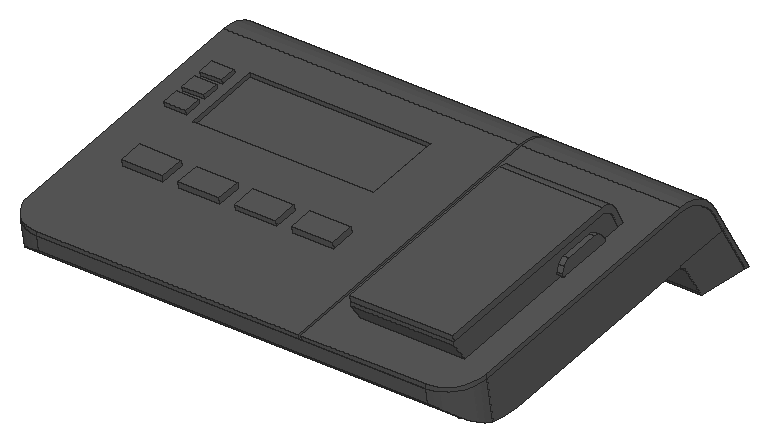
Revit family "Electronics_Paging-Stations_Biamp_Tesira_NPX-H1040_H1100__", category Communication Devices, host Face, Revit 2020 (continued)
Automatic sketch dimensions
  Extrusion 6 sketch curve to Extrusion 6 sketch curve = 0.02731"
  Sweep 7 sketch curve to Extrusion 2 = 2.71275"
  Extrusion 2 to Sweep 7 sketch curve = 3.14062"
  Sweep 7 sketch curve to Sweep 7 sketch curve = 0.04764"
  Sweep 7 sketch curve to profile plane = 0.00"
  Sweep 7 sketch curve to profile plane = 0.07812"
  profile plane to Sweep 7 sketch curve = 2.85484"
  Sweep 7 sketch curve to profile plane = 2.66314"
  Sweep 7 sketch curve to Sweep 7 sketch curve = 0.04961"  (x2)
  Sweep 7 sketch curve to profile plane = 0.61531"
  Sweep 7 sketch curve to Sweep 7 sketch curve = 0.72573"
  Sweep 7 sketch curve to profile plane = 0.53719"
  Sweep 7 sketch curve to profile plane = 1.03125"
  Sweep 7 sketch curve to Sweep 7 sketch curve = 0.15608"
  Sweep 7 sketch curve to Sweep 7 sketch curve = 0.07892"
  Extrusion 8 sketch curve to level = 0.00"
  Extrusion 8 sketch curve to plane 1 "Center (Front/Back)" = 3.17889"
  level to Extrusion 8 sketch curve = 0.95312"
  Extrusion 8 sketch curve to Extrusion 8 sketch curve = 0.35765"
  plane 1 "Center (Front/Back)" to Extrusion 8 sketch curve = 2.00002"
  level to Extrusion 8 sketch curve = 0.65643"
  Extrusion 8 sketch curve to Extrusion 8 sketch curve = 1.2656"
  Extrusion 9 sketch curve to Extrusion 1 = 0.00"  (x4)
  Extrusion 1 to Extrusion 9 sketch curve = 0.00"
  Extrusion 1 to Extrusion 9 sketch curve = 0.08594"
  Extrusion 9 sketch curve to Extrusion 9 sketch curve = 0.05449"
  Extrusion 9 sketch curve to Extrusion 9 sketch curve = 0.08674"
  Extrusion 10 sketch curve to plane 1 "Center (Front/Back)" = 1.31841"
  Extrusion 10 sketch curve to plane 3 "Center (Left/Right)" = 4.10809"
  Extrusion 10 sketch curve to Extrusion 10 sketch curve = 0.00003"
  Extrusion 10 sketch curve to Extrusion 10 sketch curve = 0.00001"
  Extrusion 10 sketch curve to Extrusion 10 sketch curve = 0.43713"
  Extrusion 10 sketch curve to Extrusion 10 sketch curve = 0.00005"
  Extrusion 10 sketch curve to Extrusion 10 sketch curve = 0.00029"
  Extrusion 10 sketch curve to Extrusion 10 sketch curve = 0.13132"
  Extrusion 10 sketch curve to Extrusion 10 sketch curve = 0.31268"
  Extrusion 10 sketch curve to Extrusion 10 sketch curve = 0.14047"
  Extrusion 10 sketch curve to Extrusion 10 sketch curve = 0.31272"
  Extrusion 10 sketch curve to Extrusion 10 sketch curve = 0.3125"
  Extrusion 11 sketch curve to plane 3 "Center (Left/Right)" = 3.47249"
  plane 3 "Center (Left/Right)" to Extrusion 11 sketch curve = 0.12126"
  Extrusion 11 sketch curve to Extrusion 11 sketch curve = 1.42187"
  Extrusion 12 sketch curve to plane 3 "Center (Left/Right)" = 3.73597"
  Extrusion 12 sketch curve to Extrusion 12 sketch curve = 0.8125"  (x2)
  Extrusion 12 sketch curve to Extrusion 12 sketch curve = 0.3125"  (x3)
  Extrusion 12 sketch curve to plane 3 "Center (Left/Right)" = 0.67347"
  plane 3 "Center (Left/Right)" to Extrusion 12 sketch curve = 0.45153"
  Extrusion 12 sketch curve to Extrusion 12 sketch curve = 0.00"  (x5)
  Extrusion 12 sketch curve to Extrusion 12 sketch curve = 0.4581"  (x2)
  Extrusion 2 to Sweep 13 sketch curve = 0.54687"
  Extrusion 2 to Sweep 13 sketch curve = 2.65776"
  Sweep 13 sketch curve to Sweep 13 sketch curve = 2.04687"
  Sweep 13 sketch curve to profile plane = 0.00"
  profile plane to Sweep 13 sketch curve = 0.3804"
  profile plane to Sweep 13 sketch curve = 2.03276"
  Sweep 13 sketch curve to Sweep 13 sketch curve = 0.19383"
  profile plane to Sweep 13 sketch curve = 0.45853"
  Sweep 13 sketch curve to profile plane = 1.86969"
  Sweep 13 sketch curve to Sweep 13 sketch curve = 0.16689"
  Sweep 14 sketch curve to Extrusion 2 = 2.26966"
  Extrusion 2 to Sweep 14 sketch curve = 0.54688"
  Sweep 14 sketch curve to Sweep 14 sketch curve = 2.04687"
  Sweep 14 sketch curve to profile plane = 0.00"
  profile plane to Sweep 14 sketch curve = 1.50578"
  Sweep 14 sketch curve to Sweep 14 sketch curve = 0.10937"
  profile plane to Sweep 14 sketch curve = 0.5679"
  Sweep 14 sketch curve to Sweep 14 sketch curve = 0.09733"
  profile plane to Sweep 14 sketch curve = 0.45853"
  Sweep 14 sketch curve to Sweep 14 sketch curve = 0.06957"
  Sweep 14 sketch curve to profile plane = 2.67293"
  Extrusion 2 to Sweep 15 sketch curve = 0.54687"
  Extrusion 2 to Sweep 15 sketch curve = 2.60064"
  Sweep 15 sketch curve to Sweep 15 sketch curve = 2.04687"
  Sweep 15 sketch curve to profile plane = 0.00"
  profile plane to Sweep 15 sketch curve = 1.97564"
  profile plane to Sweep 15 sketch curve = 0.5679"
  Sweep 15 sketch curve to profile plane = 1.99637"
  Sweep 15 sketch curve to Sweep 15 sketch curve = 0.2067"
  Extrusion 16 sketch curve to Extrusion 1 = 0.00"  (x2)
  Extrusion 1 to Extrusion 16 sketch curve = 0.08594"
  Extrusion 16 sketch curve to Extrusion 1 = 6.14135"
  Extrusion 16 sketch curve to Extrusion 16 sketch curve = 0.3899"
  level to Extrusion 17 sketch curve = 0.92245"
  Extrusion 17 sketch curve to plane 1 "Center (Front/Back)" = 3.26141"
  Extrusion 17 sketch curve to Extrusion 17 sketch curve = 0.15608"
  Extrusion 17 sketch curve to Extrusion 17 sketch curve = 0.77534"
  Extrusion 17 sketch curve to Extrusion 17 sketch curve = 4.2475"
  Extrusion 17 sketch curve to Extrusion 17 sketch curve = 1.2656"
  Extrusion 17 sketch curve to Extrusion 17 sketch curve = 0.125"
  Extrusion 17 sketch curve to Extrusion 17 sketch curve = 0.41594"
  Extrusion 17 sketch curve to Extrusion 17 sketch curve = 0.29669"
  Extrusion 17 to Extrusion 18 sketch curve = 0.00"
  Extrusion 18 sketch curve to Extrusion 17 = 0.00"  (x2)
  Extrusion 18 sketch curve to Extrusion 18 sketch curve = 0.05449"  (x2)
  Extrusion 18 sketch curve to Extrusion 17 = 0.41594"
  Extrusion 18 sketch curve to Extrusion 17 = 0.45125"
  Extrusion 18 sketch curve to Extrusion 18 sketch curve = 0.08674"
  Extrusion 17 to Extrusion 18 sketch curve = 0.08594"
  Sweep 19 sketch curve to Extrusion 18 = 2.30197"
  Extrusion 18 to Sweep 19 sketch curve = 0.54688"
  Sweep 19 sketch curve to Sweep 19 sketch curve = 2.04687"
  Sweep 19 sketch curve to profile plane = 0.00"
  profile plane to Sweep 19 sketch curve = 1.53809"
  Sweep 19 sketch curve to Sweep 19 sketch curve = 0.10937"
  profile plane to Sweep 19 sketch curve = 0.38148"
  Sweep 19 sketch curve to Sweep 19 sketch curve = 0.02947"
  profile plane to Sweep 19 sketch curve = 0.2709"
  Sweep 19 sketch curve to Sweep 19 sketch curve = 0.06913"
  Sweep 19 sketch curve to Sweep 19 sketch curve = 0.26624"
  Sweep 19 sketch curve to Sweep 19 sketch curve = 0.07084"
  profile plane to Sweep 19 sketch curve = 0.45853"
  Sweep 19 sketch curve to profile plane = 2.64062"
  Sweep 19 sketch curve to Sweep 19 sketch curve = 0.1112"
  Extrusion 18 to Sweep 20 sketch curve = 0.54687"
  Extrusion 18 to Sweep 20 sketch curve = 2.71436"
  Sweep 20 sketch curve to Sweep 20 sketch curve = 2.04687"
  Sweep 20 sketch curve to profile plane = 0.00"
  profile plane to Sweep 20 sketch curve = 0.45853"
  profile plane to Sweep 20 sketch curve = 2.08936"
  Sweep 20 sketch curve to Sweep 20 sketch curve = 0.19383"
  profile plane to Sweep 20 sketch curve = 0.17337"
  Sweep 20 sketch curve to profile plane = 1.61342"
  profile plane to Sweep 20 sketch curve = 0.2709"
  Sweep 20 sketch curve to Sweep 20 sketch curve = 0.0986"
  Sweep 20 sketch curve to Sweep 20 sketch curve = 0.07813"
  Extrusion 21 sketch curve to Extrusion 18 = 0.00"  (x8)
  Extrusion 21 sketch curve to Extrusion 18 = 0.67187"
  Extrusion 21 sketch curve to Extrusion 21 sketch curve = 0.67188"
  Extrusion 21 sketch curve to Extrusion 21 sketch curve = 0.00"  (x4)
  Extrusion 22 sketch curve to plane 1 "Center (Front/Back)" = 0.82916"
  level to Extrusion 22 sketch curve = 1.62465"
  Extrusion 22 sketch curve to Extrusion 22 sketch curve = 0.04192"
  Extrusion 22 sketch curve to Extrusion 22 sketch curve = 0.04297"
  Extrusion 22 sketch curve to Extrusion 22 sketch curve = 0.02144"
  Extrusion 22 sketch curve to Extrusion 22 sketch curve = 0.0219"
  Extrusion 22 sketch curve to Extrusion 22 sketch curve = 0.05078"
  Extrusion 22 sketch curve to Extrusion 22 sketch curve = 0.05236"
  Extrusion 22 sketch curve to Extrusion 22 sketch curve = 0.10851"
  Extrusion 22 sketch curve to Extrusion 22 sketch curve = 0.11056"
  Extrusion 22 sketch curve to Extrusion 22 sketch curve = 0.07662"
  Extrusion 22 sketch curve to Extrusion 22 sketch curve = 0.0658"
  Extrusion 22 sketch curve to Extrusion 22 sketch curve = 0.65054"
  Extrusion 22 sketch curve to Extrusion 22 sketch curve = 0.02731"
  Sweep 23 sketch curve to Extrusion 18 = 2.71275"
  Extrusion 18 to Sweep 23 sketch curve = 3.14062"
  Sweep 23 sketch curve to Sweep 23 sketch curve = 0.04764"
  Sweep 23 sketch curve to profile plane = 0.00"
  Sweep 23 sketch curve to profile plane = 0.07812"
  profile plane to Sweep 23 sketch curve = 2.85484"
  Sweep 23 sketch curve to profile plane = 2.66314"
  Sweep 23 sketch curve to Sweep 23 sketch curve = 0.04961"  (x2)
  Sweep 23 sketch curve to profile plane = 0.61531"
  Sweep 23 sketch curve to Sweep 23 sketch curve = 0.72573"
  Sweep 23 sketch curve to profile plane = 0.53719"
  Sweep 23 sketch curve to profile plane = 1.03125"
  Sweep 23 sketch curve to Sweep 23 sketch curve = 0.15608"
  Sweep 23 sketch curve to Sweep 23 sketch curve = 0.07892"
  level to Extrusion 24 sketch curve = 0.92245"
  Extrusion 24 sketch curve to plane 1 "Center (Front/Back)" = 3.26141"
  Extrusion 24 sketch curve to Extrusion 24 sketch curve = 0.35765"
  Extrusion 24 sketch curve to Extrusion 24 sketch curve = 4.82126"
  Extrusion 24 sketch curve to Extrusion 24 sketch curve = 1.2656"
  Extrusion 24 sketch curve to Extrusion 24 sketch curve = 0.65643"
  Extrusion 24 sketch curve to Extrusion 24 sketch curve = 0.95313"
  Extrusion 17 to Extrusion 25 sketch curve = 0.00"  (x2)
  Extrusion 25 sketch curve to Extrusion 17 = 0.00"  (x3)
  Extrusion 17 to Extrusion 25 sketch curve = 0.08594"
  Extrusion 25 sketch curve to Extrusion 25 sketch curve = 0.05449"
  Extrusion 25 sketch curve to Extrusion 25 sketch curve = 0.08674"
  Extrusion 26 sketch curve to plane 3 "Center (Left/Right)" = 4.10809"
  Extrusion 26 sketch curve to Extrusion 26 sketch curve = 0.00003"
  Extrusion 26 sketch curve to Extrusion 26 sketch curve = 0.00001"
  Extrusion 26 sketch curve to Extrusion 26 sketch curve = 0.43713"
  Extrusion 26 sketch curve to Extrusion 26 sketch curve = 0.00005"
  Extrusion 26 sketch curve to Extrusion 26 sketch curve = 0.00029"
  Extrusion 26 sketch curve to Extrusion 26 sketch curve = 0.31272"
  Extrusion 26 sketch curve to Extrusion 26 sketch curve = 0.14047"
  Extrusion 26 sketch curve to Extrusion 26 sketch curve = 0.31268"
  Extrusion 26 sketch curve to Extrusion 26 sketch curve = 0.13132"
  Extrusion 26 sketch curve to Extrusion 26 sketch curve = 0.3125"
  Extrusion 27 sketch curve to plane 3 "Center (Left/Right)" = 3.47249"
  plane 3 "Center (Left/Right)" to Extrusion 27 sketch curve = 0.12126"
  Extrusion 27 sketch curve to Extrusion 27 sketch curve = 1.42188"
  Extrusion 28 sketch curve to plane 3 "Center (Left/Right)" = 3.73597"
  Extrusion 28 sketch curve to Extrusion 28 sketch curve = 0.8125"  (x2)
  Extrusion 28 sketch curve to Extrusion 28 sketch curve = 0.3125"  (x3)
  Extrusion 28 sketch curve to plane 3 "Center (Left/Right)" = 0.67347"
  plane 3 "Center (Left/Right)" to Extrusion 28 sketch curve = 0.45153"
  Extrusion 28 sketch curve to Extrusion 28 sketch curve = 0.00"  (x5)
  Extrusion 28 sketch curve to Extrusion 28 sketch curve = 0.4581"  (x2)
  Extrusion 18 to Sweep 29 sketch curve = 0.54687"
  Extrusion 18 to Sweep 29 sketch curve = 2.65776"
  Sweep 29 sketch curve to Sweep 29 sketch curve = 2.04687"
  Sweep 29 sketch curve to profile plane = 0.00"
  profile plane to Sweep 29 sketch curve = 0.3804"
  profile plane to Sweep 29 sketch curve = 2.03276"
  Sweep 29 sketch curve to Sweep 29 sketch curve = 0.19383"
  profile plane to Sweep 29 sketch curve = 0.45853"
  Sweep 29 sketch curve to profile plane = 1.86969"
  Sweep 29 sketch curve to Sweep 29 sketch curve = 0.16689"
  Sweep 30 sketch curve to Extrusion 18 = 2.26966"
  Extrusion 18 to Sweep 30 sketch curve = 0.54688"
  Sweep 30 sketch curve to Sweep 30 sketch curve = 2.04687"
  Sweep 30 sketch curve to profile plane = 0.00"
  profile plane to Sweep 30 sketch curve = 1.50578"
  Sweep 30 sketch curve to Sweep 30 sketch curve = 0.10937"
  profile plane to Sweep 30 sketch curve = 0.5679"
  Sweep 30 sketch curve to Sweep 30 sketch curve = 0.09733"
  profile plane to Sweep 30 sketch curve = 0.45853"
  Sweep 30 sketch curve to Sweep 30 sketch curve = 0.06957"
  Sweep 30 sketch curve to profile plane = 2.67293"
  Extrusion 18 to Sweep 31 sketch curve = 0.54687"
  Extrusion 18 to Sweep 31 sketch curve = 2.60064"
  Sweep 31 sketch curve to Sweep 31 sketch curve = 2.04687"
  Sweep 31 sketch curve to profile plane = 0.00"
  profile plane to Sweep 31 sketch curve = 1.97564"
  profile plane to Sweep 31 sketch curve = 0.5679"
  Sweep 31 sketch curve to profile plane = 1.99637"
  Sweep 31 sketch curve to Sweep 31 sketch curve = 0.2067"
  Extrusion 32 sketch curve to Extrusion 17 = 0.00"
  Extrusion 17 to Extrusion 32 sketch curve = 0.00"
  Extrusion 32 sketch curve to Extrusion 17 = 1.13235"
  Extrusion 17 to Extrusion 32 sketch curve = 0.08594"
  Extrusion 32 sketch curve to Extrusion 32 sketch curve = 5.009"
  Extrusion 32 sketch curve to Extrusion 32 sketch curve = 0.3899"
  Extrusion 32 sketch curve to Extrusion 17 = 0.19966"
  Extrusion 33 sketch curve to Extrusion 17 = 0.00"  (x3)
  Extrusion 33 sketch curve to Extrusion 33 sketch curve = 0.08674"
  Extrusion 17 to Extrusion 33 sketch curve = 1.00304"
  Extrusion 17 to Extrusion 33 sketch curve = 1.01942"
  Extrusion 33 sketch curve to Extrusion 33 sketch curve = 0.09288"
  Extrusion 34 sketch curve to level = 0.00"
  level to Extrusion 34 sketch curve = 0.47965"
  Extrusion 34 sketch curve to plane 1 "Center (Front/Back)" = 2.12257"
  level to Extrusion 34 sketch curve = 0.73303"
  Extrusion 34 sketch curve to Extrusion 34 sketch curve = 0.06415"
  level to Extrusion 34 sketch curve = 0.61816"
  level to Extrusion 34 sketch curve = 0.06935"
  Extrusion 34 sketch curve to Extrusion 34 sketch curve = 0.34294"
  Extrusion 34 sketch curve to Extrusion 34 sketch curve = 0.1215"
  level to Extrusion 34 sketch curve = 0.92252"
  Extrusion 34 sketch curve to Extrusion 34 sketch curve = 0.4527"
  Extrusion 34 sketch curve to Extrusion 34 sketch curve = 0.99759"
  Extrusion 35 sketch curve to level = 0.00"
  level to Extrusion 35 sketch curve = 0.74665"
  Extrusion 35 sketch curve to plane 1 "Center (Front/Back)" = 2.26394"
  Extrusion 35 sketch curve to Extrusion 35 sketch curve = 0.46656"
  level to Extrusion 35 sketch curve = 0.92252"
  Extrusion 35 sketch curve to Extrusion 35 sketch curve = 0.99743"
  Extrusion 35 sketch curve to Extrusion 35 sketch curve = 0.54488"
  Extrusion 17 to Extrusion 36 sketch curve = 0.00"
  Extrusion 36 sketch curve to Extrusion 17 = 5.4317"
  Extrusion 17 to Extrusion 36 sketch curve = 0.81624"
  Extrusion 36 sketch curve to Extrusion 36 sketch curve = 0.32978"
  Extrusion 36 sketch curve to Extrusion 36 sketch curve = 1.09955"
  Extrusion 17 to Extrusion 36 sketch curve = 1.01942"
  Extrusion 36 sketch curve to Extrusion 36 sketch curve = 0.38253"
  Extrusion 32 to Sweep 37 sketch curve = 1.17143"
  Extrusion 32 to Sweep 37 sketch curve = 3.14062"
  Sweep 37 sketch curve to Sweep 37 sketch curve = 0.04764"
  Sweep 37 sketch curve to profile plane = 0.00"
  Sweep 37 sketch curve to profile plane = 1.03906"
  profile plane to Sweep 37 sketch curve = 5.35982"
  Sweep 37 sketch curve to Sweep 37 sketch curve = 0.07955"
  Sweep 37 sketch curve to profile plane = 0.53719"
  Sweep 37 sketch curve to Sweep 37 sketch curve = 0.10877"
  Sweep 37 sketch curve to profile plane = 0.61543"
  Sweep 37 sketch curve to Sweep 37 sketch curve = 0.05019"  (x2)
  Sweep 37 sketch curve to Sweep 37 sketch curve = 0.77534"
  Sweep 37 sketch curve to profile plane = 0.07824"
  Sweep 37 sketch curve to profile plane = 1.17143"
  Extrusion 38 sketch curve to plane 3 "Center (Left/Right)" = 3.07813"
  Extrusion 38 sketch curve to Extrusion 38 sketch curve = 0.00"  (x15)
  Extrusion 38 sketch curve to Extrusion 38 sketch curve = 0.79687"  (x2)
  Extrusion 38 sketch curve to Extrusion 38 sketch curve = 0.3125"  (x4)
  Extrusion 38 sketch curve to plane 3 "Center (Left/Right)" = 0.0625"  (x3)
  Extrusion 38 sketch curve to Extrusion 38 sketch curve = 0.4375"  (x6)
  Extrusion 38 sketch curve to Extrusion 38 sketch curve = 0.23437"  (x6)
  Extrusion 38 sketch curve to Extrusion 38 sketch curve = 0.23438"  (x2)
  plane 1 "Center (Front/Back)" to Extrusion 39 sketch curve = 0.26845"  (x3)
  Extrusion 39 sketch curve to plane 3 "Center (Left/Right)" = 3.07812"
  Extrusion 39 sketch curve to Extrusion 39 sketch curve = 0.00"  (x12)
  Extrusion 39 sketch curve to Extrusion 39 sketch curve = 0.79688"
  Extrusion 39 sketch curve to Extrusion 39 sketch curve = 0.79687"  (x2)
  Extrusion 39 sketch curve to Extrusion 39 sketch curve = 0.3125"  (x6)
  Extrusion 39 sketch curve to plane 3 "Center (Left/Right)" = 0.0625"  (x3)
  Extrusion 39 sketch curve to Extrusion 39 sketch curve = 0.4375"  (x5)
  Extrusion 39 sketch curve to Extrusion 39 sketch curve = 0.23647"  (x3)
  Extrusion 39 sketch curve to Extrusion 39 sketch curve = 0.23438"  (x4)
  Extrusion 40 sketch curve to Extrusion 2 = 0.55479"
  Extrusion 2 to Extrusion 40 sketch curve = 4.40999"
  Extrusion 2 to Extrusion 40 sketch curve = 1.05876"
  Extrusion 40 sketch curve to Extrusion 40 sketch curve = 1.42188"
  Extrusion 41 sketch curve to Extrusion 27 = 0.00"  (x4)
  Masking region 1 sketch curve to plane 3 "Center (Left/Right)" = 4.53125"
  plane 3 "Center (Left/Right)" to Masking region 1 sketch curve = 4.53125"
  plane 1 "Center (Front/Back)" to Masking region 1 sketch curve = 3.26562"
  Masking region 1 sketch curve to plane 1 "Center (Front/Back)" = 3.90057"
  Masking region 2 sketch curve to plane 3 "Center (Left/Right)" = 4.53125"
  plane 3 "Center (Left/Right)" to Masking region 2 sketch curve = 4.53125"
  plane 1 "Center (Front/Back)" to Masking region 2 sketch curve = 3.26562"
  Masking region 2 sketch curve to plane 1 "Center (Front/Back)" = 3.26562"
  Masking region 3 sketch curve to plane 3 "Center (Left/Right)" = 4.53125"
  Masking region 3 sketch curve to Masking region 3 sketch curve = 0.67187"
  plane 3 "Center (Left/Right)" to Masking region 3 sketch curve = 3.85937"
  plane 3 "Center (Left/Right)" to Masking region 3 sketch curve = 4.53125"
  plane 1 "Center (Front/Back)" to Masking region 3 sketch curve = 3.26562"
  Masking region 3 sketch curve to Masking region 3 sketch curve = 0.66167"  (x2)
  Masking region 3 sketch curve to plane 1 "Center (Front/Back)" = 3.90057"
  Masking region 4 sketch curve to plane 3 "Center (Left/Right)" = 4.53125"
  Masking region 4 sketch curve to Masking region 4 sketch curve = 0.67187"
  plane 3 "Center (Left/Right)" to Masking region 4 sketch curve = 3.85937"
  plane 3 "Center (Left/Right)" to Masking region 4 sketch curve = 4.53125"
  plane 1 "Center (Front/Back)" to Masking region 4 sketch curve = 3.26562"
  Masking region 4 sketch curve to Masking region 4 sketch curve = 0.66167"  (x2)
  Masking region 4 sketch curve to plane 1 "Center (Front/Back)" = 3.26562"
  plane 3 "Center (Left/Right)" to Extrusion 42 sketch curve = 0.00486"
  plane 1 "Center (Front/Back)" to Extrusion 42 sketch curve = 0.64822"
  radius of Extrusion 2 sketch curve to Extrusion 1 = 0.00"
  radius of Extrusion 18 sketch curve to Extrusion 17 = 0.00"
  radius of Extrusion 42 sketch curve = 0.25"
Connectors (in)
  electrical at (0.00486, -0.64822, 0.22), driven by "Number of Poles", driven by "Voltage", driven by "Apparent Load", driven by "Power Factor", driven by "Connector Description"
    settings: on Extrusion 42, index 2, voltage 0 V, apparent load 0 VA, apparent load phase1 0 VA, apparent load phase2 0 VA, apparent load phase3 0 VA, power factor 1, load classification "Other", number of poles 1, system type 31, power factor state 1, is connector primary yes, connector utility no, sub classification motor no, connector description "PoE+ (IEEE 802.3at Class 3, 15.4W)"
Types (3): name | Table Mounted H1100 | Table Mounted H1040 | Product data url | Product Page URL | Product Documentation Link | Model | H1040 | Description
  (no name) | no | yes | "https://www.bimobject.com/biamp/product/npx-h1040_npx-paging-station" | "https://www.biamp.com/products/product-families/tesira/npx-paging#npx-h1040" | "https://downloads.biamp.com/assets/docs/default-source/data-sheets/biamp_data_sheet_npx_h1040_feb22.pdf" | "NPX H1040" | yes | "NPX H1040 Convenience Paging Station"
  H1040 | no | yes | "https://www.bimobject.com/biamp/product/npx-h1040_npx-paging-station" | "https://www.biamp.com/products/product-families/tesira/npx-paging#npx-h1040" | "https://downloads.biamp.com/assets/docs/default-source/data-sheets/biamp_data_sheet_npx_h1040_feb22.pdf" | "NPX H1040" | yes | "NPX H1040 Convenience Paging Station"
  H1100 | yes | no | "https://www.bimobject.com/biamp/product/npx-h1100_npx-paging-station" | "https://www.biamp.com/products/product-families/tesira/npx-paging#npx-h1100" | "https://downloads.biamp.com/assets/docs/default-source/data-sheets/biamp_data_sheet_npx_h1100_dec21.pdf" | "NPX H1100" | no | "NPX H1100 Convenience Paging Station"
